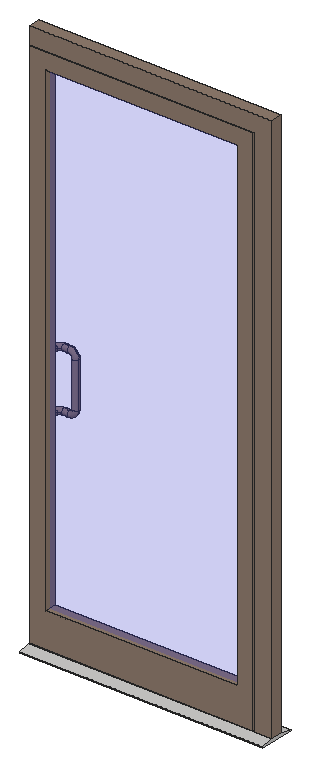
Revit family
Parameters (values of type "As Specified in the Contract Documents")
  ofst2 [instance] = abs(Offset from Exterior Wall Face - (Thickness / 2))  # 0' - 2"
  Top Rail [instance] = 0' - 2 3/4"
  Top RO Spacing = 0' - 0 1/4"
  Top Mechanism Height [instance] = if(Power Operation, 0' 7 1/2", 0' 3.13")  # 0' - 3.13"
  Threshold Width [instance] = 0' - 6"
  Threshold Material [instance] = Stainless Steel w Polished Finish - Ellison
  Thickness = 0' - 2"  # constant formula
  Stile Size [instance] = 0' - 2 3/4"
  SpecWizard = "http://www.arcat.com/specwizard/08480ell/index.htm?coid=32253&mf="
  Revision = "R1_10-2010"
  Right RO Spacing = 0' - 0.13"
  Warranty Duration (Years) = 0
  U_Factor [instance] = 0
  URL = "http://www.ellisonbronze.com/"
  Test Data = "http://www.ellisonbronze.com/newspecs/index.html"
  Specification = "http://www.arcat.com/sdspecs/htm/08480ell.htm"
  Send Message = "http://www.arcat.com/users.pl?action=UserEmail&company=Ellison%20Bronze,%20Inc.&coid=32253&rep=106&fax=716-665-5552&mf="
  Sales Information = "http://www.ellisonbronze.com/contact.html"
  SHGC [instance] = 0
  Rough Width = Width + Right RO Spacing + Left RO Spacing  # 3' - 6.29"
  Rough Height = Height + Right RO Spacing  # 8' - 1.13"
  R_Value [instance] = 0
  Product Properties = ""
  Product Data = "http://www.arcat.com/arcatcos/cos32/arc32253.html"
  Power Operation [instance] = no
  Panel Material = Bronze Satin Finish w Clear Coat Finish - Ellison
  Operation = "As Specified in 08 42 36"
  Muntin Width [instance] = 0' - 0 1/4"
  Model = "As Specified in 08 42 36"
  Minor Door Swing Y Start = Width * 0.507  # 1' - 7.71216"
  Minor Door Swing X Start = Width * 0.6157  # 1' - 11.93842"
  Minor Door Swing Radius = Width * 0.5367  # 1' - 8.8669"
  Manufacturer Website = "http://www.ellisonbronze.com/"
  Manufacturer Phone - Toll Free = "800-665-6445 "
  Manufacturer Phone = "716-665-6522 "
  Manufacturer Fax = "716-665-5552"
  Manufacturer Address = "125 W. Main St., Falconer, NY 14733"
  Manufacturer = "Ellison Bronze, Inc."
  Maintenance Schedule (Months) = 0
  Left RO Spacing = 0' - 3.28"
  Keynote = "08 42 36"
  Installation-Fabrication = "http://www.ellisonbronze.com/instmain.html"
  Installation Phase = "Exterior Enclosure"
  Height = 8' - 1"
  Has Muntins [instance] = no
  Has Miiddle Rail [instance] = no
  Hardware Finish [instance] = Cast Bronze, Polished, With Lacquer - Ellison
  Half Stile Size [instance] = Stile Size * 0.5  # 0' - 1 3/8"
  Green Building-LEED = "http://www.arcat.com/green/clients/leed_data_32253.html"
  Glass Thickness = if(Height < 9' 0.1", 0' 0 1/2", 0' 0 3/4")  # 0' - 0 1/2"
  Frame Material = Bronze Satin Finish w Clear Coat Finish - Ellison
  Fire Rating = "As Specified in 08 42 36"
  F588_Forced-Entry = "As Specified in 08 42 36"
  Expected Lifespan (Years) = 0
  E547_Water-Resistance = "As Specified in 08 42 36"
  E330_Structural-Test-Pressure = "As Specified in 08 42 36"
  E283_Air-Infiltration = "As Specified in 08 42 36"
  Drawn By = "Robert S. Weygant. CSI, CDT, SCIP"
  Door Glazing = Glass
  Description = "Bronze Stile and Rail Balanced Door"
  Wall Closure = (empty or 0)
  Width = 3' - 2.88"
  Copyright = "2010 ARCAT, Inc."
  Construction Details = "http://www.ellisonbronze.com/newspecs/index.html"
  Offset from Exterior Wall Face [instance] = -0' - 1"
  Bottom Rail [instance] = 0' - 6"
  Assembly Code = "B2020100"
  AAMA Conformance = "As Specified in 08 42 36"
Reference planes (in)
  plane 1 "Center (Front/Back)": y = 0.3125
  plane 2 "Center (Left/Right)": x = -0.64125
  plane 3 "Left": x = -21.72125
  plane 4 "Right": x = 17.15875
  plane 5 "Center": z = 47.27875
  plane 6 "Exterior": y = 2.3125
  plane 7 "Interior": y = -3.6875
  plane 8 "FrameRight": x = 20.43875
  plane 9 "FrameLeft": x = -21.85125
  plane 10 "FrameUpper": z = 97
  plane 11 "Top": z = 97.25
  plane 12: z = 93.87
  plane 13: z = 0.6875
Forms (in)
  Extrusion 1, solid, material "Bronze Satin Finish w Clear Coat Finish - Ellison" <- "Panel Material"
    sketch origin (0, 0.3125, 0) x (1, 0, 0) y (0, 0, 1)
      loop
        line (17.15875, 93.87) -> (-21.72125, 93.87) -> (-21.72125, 0.6875) -> (17.15875, 0.6875) -> (17.15875, 93.87)
      loop
        line (14.40875, 91.12) -> (-18.97125, 91.12) -> (-18.97125, 6.6875) -> (14.40875, 6.6875) -> (14.40875, 91.12)
    from -1 to 1
  Extrusion 2, solid, material "Glass" <- "Door Glazing"
    sketch origin (0, 0.3125, 0) x (1, 0, 0) y (0, 0, 1)
      loop
        line (17.15875, 93.87) -> (-21.72125, 93.87) -> (-21.72125, 0.6875) -> (17.15875, 0.6875) -> (17.15875, 93.87)
    from -0.25 to 0.25
  Extrusion 3, solid, material "Bronze Satin Finish w Clear Coat Finish - Ellison" <- "Frame Material"
    sketch origin (0, 0.3125, 3.125) x (1, 0, 0) y (0, 0, 1)
      loop
        line (20.43875, 93.875) -> (-21.85125, 93.875) -> (-21.85125, 90.87) -> (17.40875, 90.87) -> (17.40875, -2.625) -> (20.43875, -2.625) -> (20.43875, 93.875)
    from -1 to 1
  Extrusion 4, solid, material "Bronze Satin Finish w Clear Coat Finish - Ellison" <- "Panel Material", visible <- "Has Muntins"
    sketch origin (0, 0.3125, 0) x (1, 0, 0) y (0, 0, 1)
      loop
        line (-0.51625, 91.12) -> (-0.76625, 91.12) -> (-0.76625, 47.40375) -> (-18.97125, 47.40375) -> (-18.97125, 47.15375) -> (-0.76625, 47.15375) -> (-0.76625, 6.6875) -> (-0.51625, 6.6875) -> (-0.51625, 47.15375) -> (14.40875, 47.15375) -> (14.40875, 47.40375) -> (-0.51625, 47.40375) -> (-0.51625, 91.12)
    from -1 to 1
  Extrusion 5, solid, material "Stainless Steel w Polished Finish - Ellison" <- "Threshold Material"
    sketch origin (-0.64125, 0, 0) x (0, 1, 0) y (0, 0, 1)
      loop
        line (3.3125, 0) -> (3.3125, 0.19) -> (1.33515, 0.5) -> (-0.71015, 0.5) -> (-2.6875, 0.19) -> (-2.6875, 0) -> (3.3125, 0)
    from -21.21 to 21.08
  Extrusion 6, solid, material "Bronze Satin Finish w Clear Coat Finish - Ellison" <- "Panel Material", visible <- "Has Miiddle Rail"
    sketch origin (0, 0.3125, -3.71625) x (1, 0, 0) y (0, 0, 1)
      loop
        line (14.40875, 47.40375) -> (-18.97125, 47.40375) -> (-18.97125, 41.40375) -> (14.40875, 41.40375) -> (14.40875, 47.40375)
    from -1 to 1
Lines and regions (in)
  Opening 1
    outline origin (-95.7153, -3.6875, 0) x (1, 0, 0) y (0, 0, 1)
      loop
        line (73.86405, 97.25) -> (73.86405, 0) -> (116.15405, 0) -> (116.15405, 97.25) -> (73.86405, 97.25)
  symbolic lines, style "Elevation Swing"
    curve 1: line (-21.72125, 0, 93.87) -> (17.15875, 0, 47.27875)
    curve 2: line (-21.72125, 0, 0.6875) -> (17.15875, 0, 47.27875)
  symbolic lines, style "DoorsPanelProjection"
    curve 3: line (16.13107, -11.9375, 0) -> (14.13107, -11.9375, 0)
    curve 4: line (16.13107, -11.9375, 0) -> (16.13107, 26.9425, 0)
    curve 5: line (16.13107, 26.9425, 0) -> (14.13107, 26.9425, 0)
    curve 6: line (14.13107, -11.9375, 0) -> (14.13107, 26.9425, 0)
    curve 7: arc (-21.71923, 1.3125, 0) -> (-17.65467, 12.77509, 0) -> (-7.88967, 20.02466, 0) r 20.8669
  symbolic lines, style "Plan Swing"
    curve 8: arc (-7.88967, 20.02466, 0) -> (2.90967, 24.15534, 0) -> (14.13107, 26.9425, 0) r 94.93214
  symbolic lines, style "DoorsFrameMullionProjection"
    curve 9: line (20.43875, 1.3125, 0) -> (17.40875, 1.3125, 0)
    curve 10: line (20.43875, -0.6875, 0) -> (20.43875, 1.3125, 0)
    curve 11: line (17.40875, -0.6875, 0) -> (20.43875, -0.6875, 0)
    curve 12: line (17.40875, 1.3125, 0) -> (17.40875, -0.6875, 0)
  reference lines
    curve 13: line (14.40875, 0.3125, 6.6875) -> (14.40875, 0.3125, 111.6875)
    curve 14: line (-18.97125, 0.3125, 6.6875) -> (-18.97125, 0.3125, 111.6875)
    curve 15: line (4.04875, 0.3125, 91.12) -> (40.40875, 0.3125, 91.12)
    curve 16: line (4.04875, 0.3125, 6.6875) -> (45.40875, 0.3125, 6.6875)
Text (in)
  text "EXTERIOR" at (-79.42766, 23.47596, 0), in view "Ref. Level"
  text "INTERIOR" at (-79.42766, -17.27685, 0), in view "Ref. Level"
  text "Exterior" at (0, 47.2975, 123.29936), in view "Left"
  text "Exterior" at (0, 19.21628, 132.11189), in view "Right"
Dimensions and locks (in)
  host wall to plane 6 "Exterior" = 0' - 0"
  host wall to plane 7 "Interior" = 0' - 0"
  "Width": plane 3 "Left" to plane 4 "Right"
  equal spacing: plane 3 "Left", plane 2 "Center (Left/Right)", plane 8 "FrameRight"
  "Right RO Spacing": plane 9 "FrameLeft" to plane 3 "Left"
  "Left RO Spacing": plane 4 "Right" to plane 8 "FrameRight"
  "ofst2": plane 1 "Center (Front/Back)" to host wall
  locked: plane 13 to level at 0.6875
  equal spacing: plane 13, plane 5 "Center", plane 12
  "Thickness": Extrusion 1 to Extrusion 1
  "Width": curve 5 to curve 3
  "Glass Thickness": Extrusion 2 to Extrusion 2
  equal spacing: Extrusion 2, plane 1 "Center (Front/Back)", Extrusion 2
  equal spacing: Extrusion 1, plane 1 "Center (Front/Back)", Extrusion 1
  locked: curve 3 to plane 1 "Center (Front/Back)" at 12.25
  "Minor Door Swing Y Start": plane 1 "Center (Front/Back)" to curve 8
  "Muntin Width": Extrusion 4 sketch curve to Extrusion 4 sketch curve  (x2)
  equal spacing: Extrusion 4 sketch curve, plane 5 "Center", Extrusion 4 sketch curve
  equal spacing: Extrusion 4 sketch curve, plane 2 "Center (Left/Right)", Extrusion 4 sketch curve
  "Top Mechanism Height": plane 12 to plane 10 "FrameUpper"
  "Height": level to plane 10 "FrameUpper"
  "Top RO Spacing": plane 10 "FrameUpper" to plane 11 "Top"
  locked: curve 6 to plane 8 "FrameRight" at 6.30768
  "Thickness": curve 6 to curve 4
  "Stile Size": curve 13 to plane 4 "Right"
  "Stile Size": plane 3 "Left" to curve 14
  "Top Rail": curve 15 to plane 12
  "Bottom Rail": plane 13 to curve 16
  "Half Stile Size": plane 3 "Left" to nested 1
  equal spacing: Extrusion 5 sketch curve, plane 1 "Center (Front/Back)", Extrusion 5 sketch curve
  locked: Extrusion 5 sketch curve to level at 0.5
  Extrusion 5 sketch curve to plane 1 "Center (Front/Back)" to Extrusion 5 sketch curve = 0' - 1.02265" locked, 0' - 1.02265" locked
  "Threshold Width": Extrusion 5 to Extrusion 5
  level to Extrusion 6 sketch curve to Extrusion 6 sketch curve = 3' - 1 11/16" locked, 0' - 6" locked
  "Minor Door Swing Radius": radius of curve 7
  aligned and locked: Opening 1 sketch curve to plane 8 "FrameRight"
  aligned and locked: plane 9 "FrameLeft" to Opening 1 sketch curve
  aligned and locked: Opening 1 sketch curve to plane 11 "Top"
  aligned and locked: level to Opening 1 sketch curve
  aligned and locked: plane 4 "Right" to curve 2
  aligned and locked: plane 5 "Center" to curve 2
  aligned and locked: Extrusion 1 to curve 7
  aligned and locked: host wall to plane 7 "Interior"
  aligned and locked: plane 6 "Exterior" to host wall
  aligned and locked: curve 5 to curve 8
  aligned and locked: Extrusion 4 sketch curve to Extrusion 4 sketch curve  (x4)
  aligned and locked: Extrusion 3 to curve 9
  aligned and locked: curve 9 to Extrusion 3
  aligned and locked: curve 12 to Extrusion 3  (x2)
  aligned and locked: Extrusion 1 sketch curve to curve 13
  aligned and locked: Extrusion 1 sketch curve to curve 14
  aligned and locked: Extrusion 1 sketch curve to curve 16
  aligned and locked: Extrusion 1 sketch curve to curve 15
  aligned and locked: curve 13 to Extrusion 4 sketch curve
  aligned and locked: Extrusion 4 sketch curve to curve 14
  aligned and locked: curve 15 to Extrusion 4 sketch curve
  aligned and locked: Extrusion 4 sketch curve to curve 16
  aligned and locked: Extrusion 5 to plane 8 "FrameRight"
  aligned and locked: Extrusion 5 to plane 9 "FrameLeft"
  aligned and locked: Extrusion 6 sketch curve to curve 14
  aligned and locked: curve 13 to Extrusion 6 sketch curve
  aligned and locked: Extrusion 1 to Extrusion 4  (x2)
  aligned and locked: Extrusion 1 to Extrusion 6  (x2)
  aligned and locked: Extrusion 3 to Extrusion 1  (x2)
Automatic sketch dimensions
  curve 1 to plane 3 "Left" = 0' - 0"
  curve 1 to plane 12 = 0' - 0"
  curve 2 to plane 3 "Left" = 0' - 0"
  curve 2 to plane 13 = 0' - 0"
  curve 7 to plane 1 "Center (Front/Back)" = 0' - 0.06016"
  curve 7 to plane 2 "Center (Left/Right)" = 0' - 0.23226"
  curve 8 to plane 8 "FrameRight" = 0' - 10.92301"
  Extrusion 1 sketch curve to plane 3 "Left" = 0' - 0"
  Extrusion 1 sketch curve to plane 4 "Right" = 0' - 0"
  Extrusion 1 sketch curve to plane 13 = 0' - 0"
  Extrusion 1 sketch curve to plane 12 = 0' - 0"
  Extrusion 3 sketch curve to plane 9 "FrameLeft" = 0' - 0"
  Extrusion 3 sketch curve to plane 8 "FrameRight" = 0' - 0"
  Extrusion 3 sketch curve to plane 10 "FrameUpper" = 0' - 0"
  Extrusion 3 sketch curve to plane 4 "Right" = 0' - 0 1/4"
  plane 12 to Extrusion 3 sketch curve = 0' - 0 1/8"
  Extrusion 3 sketch curve to plane 13 = 0' - 0 3/16"
  plane 2 "Center (Left/Right)" to curve 15 = 0' - 4.69"
  plane 2 "Center (Left/Right)" to curve 16 = 0' - 4.69"
  curve 15 to plane 8 "FrameRight" = 1' - 7.97"
  curve 16 to plane 8 "FrameRight" = 2' - 0.97"
  plane 13 to curve 14 = 0' - 6"
  plane 11 "Top" to curve 14 = 1' - 2 7/16"
  plane 11 "Top" to curve 13 = 1' - 2 7/16"
  Extrusion 5 sketch curve to level = 0' - 0"
  host wall to Extrusion 5 sketch curve = 0' - 2"
  level to Extrusion 5 sketch curve = 0' - 0.19"  (x2)
  Extrusion 2 sketch curve to plane 3 "Left" = 0' - 0"
  Extrusion 2 sketch curve to plane 4 "Right" = 0' - 0"
  Extrusion 2 sketch curve to plane 13 = 0' - 0"
  Extrusion 2 sketch curve to plane 12 = 0' - 0"
Nested families (in)
  nested 1: "Handle_Offset_Ellison" at (-20.34625, 1.3125, 40.68751) x (1, 0, 0) z (0, 1, 0), type "Handle_Offset_Ellison"
Definition of nested family "Handle_Offset_Ellison"
  Parameters
    Material = none
    Default Elevation = 4' - 0"
  Reference planes (in)
    plane 1 "Center (Front/Back)": y = 0
    plane 2: z = 0
    plane 3 "Center (Left/Right)": x = 0
  Forms (in)
    Sweep 1, solid, material <- "Material"
      path origin (0, 0, 0) x (1, 0, 0) y (0, 1, 0)
        loop
          line (1, -4.99999) -> (2, -4.99999)
          arc (2, -4.99999) -> (2.70635, -4.70785) -> (3, -4.00213) r 1
          line (3, -4.00213) -> (3, 3.99999)
          arc (3, 3.99999) -> (2.7071, 4.70709) -> (2, 4.99999) r 1
          line (2, 4.99999) -> (1, 4.99999)
      profile "PR-Circle : PR-Circle" origin (1.5, 4.99999, 0) x (0, -1, 0) y (0, 0, 1)
        loop
          circle (0, 2.5) r 0.5
    Sweep 2, solid, material <- "Material"
      path origin (2.99999, -7.49999, -2.49999) x (-1, 0, 0) y (0, 0, 1)
        loop
          arc (2, 4.99999) -> (2.70635, 4.70785) -> (3, 4.00213) r 1
          line (3, 4.00213) -> (3, 2.49999)
      profile "PR-Circle : PR-Circle" origin (0.29365, -7.49999, 2.20787) x (-0.706347, 0, 0.707865) y (0, 1, 0)
        loop
          circle (0, 2.5) r 0.5
    Sweep 3, solid, material <- "Material"
      path origin (2.99999, 7.49999, -2.49999) x (-1, 0, 0) y (0, 0, -1)
        loop
          arc (2, -4.99999) -> (2.70635, -4.70785) -> (3, -4.00213) r 1
          line (3, -4.00213) -> (3, -2.49999)
      profile "PR-Circle : PR-Circle" origin (0.29365, 7.49999, 2.20787) x (0.706347, 0, -0.707865) y (0, -1, 0)
        loop
          circle (0, 2.5) r 0.5
  Cuts and joins
    joined: Sweep 1, Sweep 2, Sweep 3
